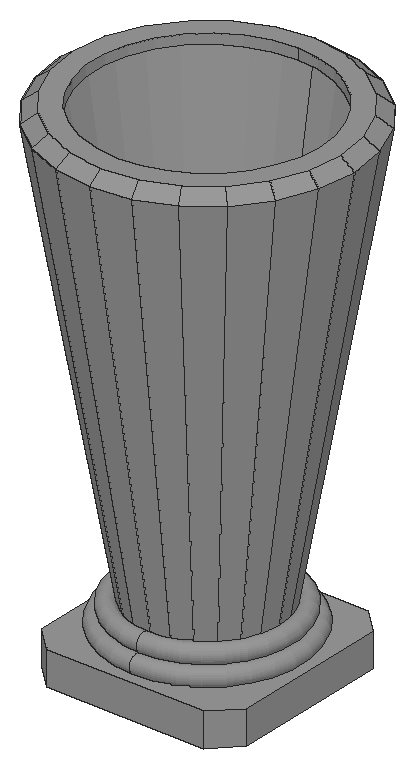
Revit family "Урна бетонная 3", category Антураж, Revit 2017
Family settings
  На основе рабочей плоскости = Нет
  Всегда вертикально = Да
  При загрузке вырезать с полостями = Нет
  Источник визуального образа = Геометрия семейства
  Общий = Нет
  Точка расчета площади = Нет
Parameters (values of type "Урна бетонная 3")
  Стоимость = 4320
  Изготовитель = "ООО «Хоббика»"
  Высота = 0 mm
  URL = "https://hobbyka.ru/product/urna_betonnaya_3/?sphrase_id=88646"
  ADSK_Размер_Ширина = 430 mm
  ADSK_Размер_Длина = 430 mm
  ADSK_Размер_Высота = 740 mm
  ADSK_Объем = 0.00 m³
  ADSK_Наименование = "Урна бетонная 3"
  ADSK_Материал урны = Бетон
  ADSK_Масса = 0.00 kg
  ADSK_Код изделия = "10022"
Reference planes
  plane 1 "По центру (Вперед/Назад)": y = 0
  plane 2: z = 0
  plane 3 "По центру (Влево/Вправо)": x = 0
Forms (mm)
  Revolve 1, solid, material "Бетон" <- "ADSK_Материал урны"
    sketch origin (0, 0, 0) x (0, 1, 0) y (0, 0, 1)
      loop
        arc (-103.984, 90) -> (-124.497, 95.47) -> (-122.815, 74.308) r 13
        arc (-122.815, 74.308) -> (-141.799, 66.317) -> (-129.229, 50) r 13
        line (-129.229, 50) -> (0, 50) -> (0, 90) -> (-103.984, 90)
      axis (0, 50) -> (0, 90)
    angle from 0 to 360
  Extrusion 2, solid, material "Бетон" <- "ADSK_Материал урны"
    sketch origin (0, 0, 0) x (1, 0, 0) y (0, 1, 0)
      loop
        line (-114.645, 150) -> (-150, 114.645) -> (-150, -114.645) -> (-114.645, -150) -> (114.645, -150) -> (150, -114.645) -> (150, 114.645) -> (114.645, 150) -> (-114.645, 150)
    from 1.455 to 50
  Blend 3, solid, material "Бетон" <- "ADSK_Материал урны"
    base sketch origin (0, 0, 0) x (1, 0, 0) y (0, 1, 0)
      loop
        line (0, 103.984) -> (-26.913, 100.441) -> (-51.992, 90.053) -> (-73.528, 73.528) -> (-90.053, 51.992) -> (-100.441, 26.913) -> (-103.984, 0) -> (-100.441, -26.913) -> (-90.053, -51.992) -> (-73.528, -73.528) -> (-51.992, -90.053) -> (-26.913, -100.441) -> (0, -103.984) -> (26.913, -100.441) -> (51.992, -90.053) -> (73.528, -73.528) -> (90.053, -51.992) -> (100.441, -26.913) -> (103.984, 0) -> (100.441, 26.913) -> (90.053, 51.992) -> (73.528, 73.528) -> (51.992, 90.053) -> (26.913, 100.441) -> (0, 103.984)
    top sketch origin (0, 0, 0) x (1, 0, 0) y (0, 1, 0)
      loop
        line (0, 215) -> (-55.646, 207.674) -> (-107.5, 186.195) -> (-152.028, 152.028) -> (-186.195, 107.5) -> (-207.674, 55.646) -> (-215, 0) -> (-207.674, -55.646) -> (-186.195, -107.5) -> (-152.028, -152.028) -> (-107.5, -186.195) -> (-55.646, -207.674) -> (0, -215) -> (55.646, -207.674) -> (107.5, -186.195) -> (152.028, -152.028) -> (186.195, -107.5) -> (207.674, -55.646) -> (215, 0) -> (207.674, 55.646) -> (186.195, 107.5) -> (152.028, 152.028) -> (107.5, 186.195) -> (55.646, 207.674) -> (0, 215)
    from 90 to 725
  Revolve 4, void
    sketch origin (0, 0, 0) x (0, 1, 0) y (0, 0, 1)
      loop
        line (-83.681, 90) -> (0, 90) -> (0, 760) -> (-164.697, 760) -> (-164.697, 725) -> (-194.697, 725) -> (-83.681, 90)
      axis (0, 90) -> (0, 760)
    angle from 0 to 360
  Blend 5, solid, material "Бетон" <- "ADSK_Материал урны"
    base sketch origin (0, 0, 0) x (1, 0, 0) y (0, 1, 0)
      loop
        line (0, 215) -> (-55.646, 207.674) -> (-107.5, 186.195) -> (-152.028, 152.028) -> (-186.195, 107.5) -> (-207.674, 55.646) -> (-215, 0) -> (-207.674, -55.646) -> (-186.195, -107.5) -> (-152.028, -152.028) -> (-107.5, -186.195) -> (-55.646, -207.674) -> (0, -215) -> (55.646, -207.674) -> (107.5, -186.195) -> (152.028, -152.028) -> (186.195, -107.5) -> (207.674, -55.646) -> (215, 0) -> (207.674, 55.646) -> (186.195, 107.5) -> (152.028, 152.028) -> (107.5, 186.195) -> (55.646, 207.674) -> (0, 215)
    top sketch origin (0, 0, 0) x (1, 0, 0) y (0, 1, 0)
      loop
        line (0, 194.697) -> (-50.391, 188.063) -> (-97.348, 168.612) -> (-137.671, 137.671) -> (-168.612, 97.348) -> (-188.063, 50.391) -> (-194.697, 0) -> (-188.063, -50.391) -> (-168.612, -97.348) -> (-137.671, -137.671) -> (-97.348, -168.612) -> (-50.391, -188.063) -> (0, -194.697) -> (50.391, -188.063) -> (97.348, -168.612) -> (137.671, -137.671) -> (168.612, -97.348) -> (188.063, -50.391) -> (194.697, 0) -> (188.063, 50.391) -> (168.612, 97.348) -> (137.671, 137.671) -> (97.348, 168.612) -> (50.391, 188.063) -> (0, 194.697)
    from 725 to 740
Cuts and joins
  Revolve 4 cuts Revolve 1
  Revolve 4 cuts Blend 3
  Revolve 4 cuts Blend 5
Dimensions and locks
  aligned and locked: level to plane 2
